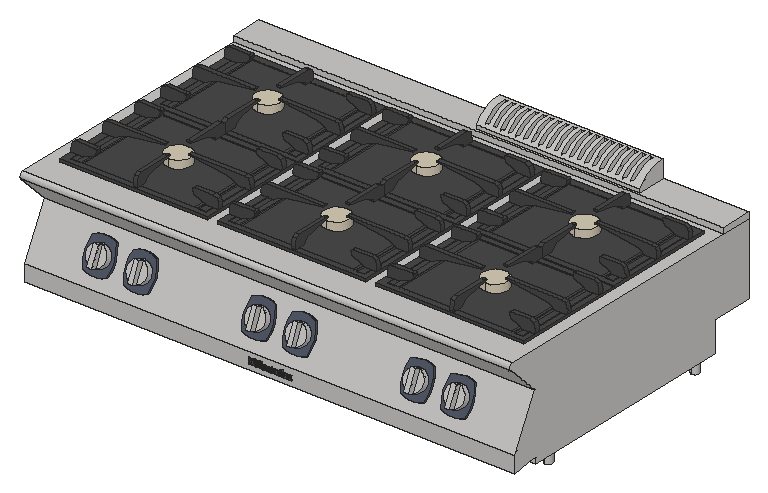
Revit family "QF_ELECTROLUXPROFESSIONAL_371405_E7AANTAOMII", category Attrezzature speciali, Revit 2018
Family settings
  Quota connettore circolare = Usa diametro
  Tipo di parte = Normale
  Basato su piano di lavoro = No
  Sempre verticale = Sì
  Taglio con vuoti quando caricato = No
  Condiviso = No
  Punto di calcolo locali = No
Parameters (values of type "Standard")
  Weight = 55.00 kg
  Watts = 0 W
  Volts = 0 V
  URL Manufacturer = "https://www.electroluxprofessional.com/"
  URL = "https://www.electroluxprofessional.com/"
  Steam Supply Size = 0"
  Steam Supply Minimum Pressure = 0.00 psi
  Steam Supply Maximum Pressure = 0.00 psi
  Steam Consumption per Hour = 0
  Show Logo [instance] = yes
  Show Clearance [instance] = yes
  Refrigeration Suction Line Size = 0 mm
  Refrigeration Liquid Line Size = 0 mm
  Refrigerant Compressor Remote = yes
  Phase = 0
  Modello = "E7AANTAOMII"
  Produttore = "Electrolux Professional"
  Length Actual = 1200 mm  # constant formula
  Item Number = "371405"
  Hot Water Size = 0"
  Height Actual = 250 mm  # constant formula
  HP = "0 HP"
  Gas Size = 1/2"
  Gas KW = 33
  Gas Input Pressure = 1.10632 Btu/h
  Direct Waste Size = 0"
  Descrizione = "6-BURNER GAS BOILING TOP 1200MM - QMARK"
  Depth Actual = 730 mm  # constant formula
  Cycle = 0 Hz
  Condensate Return Size = 0"
  Compressed Air Volume = 0 GPM
  Compressed Air Size = 0"
  Compressed Air Pressure = 0.00 psi
  Cold Water Size = 0"
  Assembly Code = ""
  Accessory = yes
Values of the unnamed type that differ from the named types
  Weight = 0.00 kg
  URL Manufacturer = ""
  Item Number = ""
  HP = ""
  Gas KW = 0
  Gas Input Pressure = 0.0 Btu/h
Reference planes
  plane 1 "BACK": y = 0
  plane 2: z = 0
  plane 3 "LEFT": x = 0
  plane 4 "RIGHT": x = 1200
  plane 5 "FRONT": y = -730
  plane 6 "TOP": z = 303.188
  plane 7 "Center Y": x = 600
  plane 8 "Center X": y = -365
  plane 9 "Base Height": z = 23.813
  plane 10: z = 274.613
  plane 11: z = 331.787
Forms (mm)
  Extrusion 1, solid, material "QF_Finishes_Stainless Steel"
    sketch origin (0, 0, 0) x (0, 1, 0) y (0, 0, 1)
      loop
        line (0, 98.425) -> (0, 274.612) -> (-721.5, 274.612)
        arc (-721.5, 274.612) -> (-729.472, 269.285) -> (-727.602, 259.881) r 8.63
        line (-727.602, 259.881) -> (-654.039, 186.318) -> (-715.962, 68.584) -> (-715.962, 30.162) -> (-655.839, 38.612)
        arc (-655.839, 38.612) -> (-653.314, 37.864) -> (-652.222, 35.468) r 3.175
        line (-652.222, 35.468) -> (-652.222, 23.813) -> (-103.188, 23.813) -> (-103.188, 98.425) -> (0, 98.425)
    from 0 to 1200
  Extrusion 2, solid, material "QF_Finishes_Stainless Steel"
    sketch origin (0, 0, 0) x (0, 1, 0) y (0, 0, 1)
      loop
        line (0, 274.612) -> (0, 288.9) -> (-76.2, 288.9) -> (-76.2, 274.612) -> (0, 274.612)
    from 0 to 1200
  Extrusion 3, solid, material "QF_Finishes_Stainless Steel"
    sketch origin (0, 0, 0) x (1, 0, 0) y (0, 1, 0)
      loop
        circle (11.112, -149.225) r 9.525
      loop
        circle (1188.888, -149.225) r 9.525
      loop
        circle (11.112, -598.488) r 9.525
      loop
        circle (1188.888, -598.488) r 9.525
    from 0 to 23.812
  Extrusion 4, solid, material "QF_Finishes_Stainless Steel"
    sketch origin (0, -103.188, 23.813) x (0, 0, 1) y (1, 0, 0)
      loop
        circle (36.513, 1100) r 6.35
    from 0 to 26.988
  Extrusion 5, solid, material "QF_Finishes_Clearance", visible <- "Show Clearance", detail levels coarse
    sketch origin (0, 0, 0) x (1, 0, 0) y (0, 1, 0)
      loop
        line (0, -730) -> (0, 0) -> (1200, 0) -> (1200, -730) -> (1350, -730) -> (1350, 150) -> (-150, 150) -> (-150, -730) -> (0, -730)
    from 0 to 331.787
  Extrusion 6, solid, material "QF_Finishes_Navy Blue"
    sketch origin (-377.256, -713.772, 69.003) x (0, 0.418102, 0.9084) y (-1, 0, 0)
      loop
        arc (102.623, -510.47) -> (67.041, -502.846) -> (31.333, -509.853) r 90.5
        arc (31.333, -509.853) -> (24.507, -539.04) -> (31.333, -568.228) r 65.817
        arc (31.333, -568.228) -> (67.04, -575.188) -> (102.623, -567.615) r 91.066
        arc (102.623, -567.615) -> (109.179, -539.043) -> (102.623, -510.47) r 65.546
    from 0 to 3.175
  Extrusion 7, solid, material "QF_Finishes_Stainless Steel"
    sketch origin (1.494, -717.485, 68.529) x (0, 0.418102, 0.9084) y (-1, 0, 0)
      loop
        circle (68.826, -160.963) r 25.4
    from 0 to 12.7
  Extrusion 8, solid, material "QF_Finishes_Stainless Steel"
    sketch origin (1.494, -729.022, 73.839) x (0, 0.418102, 0.9084) y (-1, 0, 0)
      loop
        arc (93.558, -166.749) -> (94.226, -160.963) -> (93.558, -155.177) r 25.4
        line (93.558, -155.177) -> (44.094, -155.177)
        arc (44.094, -155.177) -> (43.426, -160.963) -> (44.094, -166.749) r 25.4
        line (44.094, -166.749) -> (93.558, -166.749)
    from 0 to 12.7
  Extrusion 9, solid, material "QF_Finishes_Navy Blue"
    sketch origin (-277.256, -713.772, 69.003) x (0, 0.418102, 0.9084) y (-1, 0, 0)
      loop
        arc (102.623, -510.47) -> (67.041, -502.846) -> (31.333, -509.853) r 90.5
        arc (31.333, -509.853) -> (24.507, -539.04) -> (31.333, -568.228) r 65.817
        arc (31.333, -568.228) -> (67.04, -575.188) -> (102.623, -567.615) r 91.066
        arc (102.623, -567.615) -> (109.179, -539.043) -> (102.623, -510.47) r 65.546
    from 0 to 3.175
  Extrusion 10, solid, material "QF_Finishes_Stainless Steel"
    sketch origin (101.494, -717.485, 68.529) x (0, 0.418102, 0.9084) y (-1, 0, 0)
      loop
        circle (68.826, -160.963) r 25.4
    from 0 to 12.7
  Extrusion 11, solid, material "QF_Finishes_Stainless Steel"
    sketch origin (101.494, -729.022, 73.839) x (0, 0.418102, 0.9084) y (-1, 0, 0)
      loop
        arc (93.558, -166.749) -> (94.226, -160.963) -> (93.558, -155.177) r 25.4
        line (93.558, -155.177) -> (44.094, -155.177)
        arc (44.094, -155.177) -> (43.426, -160.963) -> (44.094, -166.749) r 25.4
        line (44.094, -166.749) -> (93.558, -166.749)
    from 0 to 12.7
  Extrusion 12, solid, material "QF_Finishes_Navy Blue", visible <- "Show Logo"
    sketch origin (261.839, -715.962, 35.665) x (0, 0, 1) y (-1, 0, 0)
      loop
        line (20.674, -296.698) -> (8.307, -296.698)
        arc (8.307, -296.698) -> (14.491, -301.27) -> (20.674, -296.698) r 6.467
      loop
        arc (20.674, -296.069) -> (19.505, -290.926) -> (14.849, -288.448) r 6.338
        line (14.849, -288.448) -> (14.849, -290.494)
        arc (14.849, -290.494) -> (16.333, -294.149) -> (19.778, -296.069) r 5.941
        line (19.778, -296.069) -> (20.674, -296.069)
      loop
        arc (9.203, -296.069) -> (12.648, -294.149) -> (14.132, -290.494) r 5.941
        line (14.132, -290.494) -> (14.132, -288.448)
        arc (14.132, -288.448) -> (9.438, -290.922) -> (8.148, -296.069) r 6.504
        line (8.148, -296.069) -> (9.203, -296.069)
      loop
        line (21.349, -287.979) -> (7.604, -287.979) -> (7.604, -301.742) -> (21.349, -301.742) -> (21.349, -287.979)
      loop
        arc (21.432, -304.71) -> (21.085, -304.352) -> (20.718, -304.69) r 0.358
        arc (20.718, -304.69) -> (20.404, -305.44) -> (19.687, -305.825) r 1.216
        line (19.687, -305.825) -> (9.274, -305.825)
        arc (9.274, -305.825) -> (8.614, -305.548) -> (8.218, -304.951) r 1.238
        arc (8.218, -304.951) -> (7.823, -304.7) -> (7.518, -305.054) r 0.358
        line (7.518, -305.054) -> (7.518, -314.933) -> (10.269, -314.933) -> (10.269, -314.036)
        arc (10.269, -314.036) -> (9.36, -313.456) -> (8.904, -312.479) r 1.928
        line (8.904, -312.479) -> (8.904, -309.98)
        arc (8.904, -309.98) -> (9.18, -309.251) -> (9.868, -308.887) r 1.101
        line (9.868, -308.887) -> (13.955, -308.887) -> (13.955, -312.561)
        arc (13.955, -312.561) -> (13.602, -313.058) -> (13.037, -313.286) r 1.083
        arc (13.037, -313.286) -> (12.773, -313.591) -> (13.065, -313.869) r 0.292
        line (13.065, -313.869) -> (16.028, -313.869)
        arc (16.028, -313.869) -> (16.33, -313.596) -> (16.092, -313.266) r 0.305
        arc (16.092, -313.266) -> (15.601, -313.018) -> (15.296, -312.561) r 1.083
        line (15.296, -312.561) -> (15.296, -308.887) -> (19.973, -308.887) -> (19.973, -312.635)
        arc (19.973, -312.635) -> (19.759, -313.39) -> (19.153, -313.888) r 1.314
        arc (19.153, -313.888) -> (18.934, -314.292) -> (19.288, -314.585) r 0.361
        line (19.288, -314.585) -> (21.432, -314.585) -> (21.432, -304.71)
      loop
        arc (20.715, -315.365) -> (20.335, -316.284) -> (19.416, -316.664) r 1.299
        line (19.416, -316.664) -> (9.837, -316.664)
        arc (9.837, -316.664) -> (8.999, -316.286) -> (8.728, -315.408) r 1.118
        line (8.728, -315.408) -> (7.518, -315.408) -> (7.518, -320.758) -> (8.706, -320.758)
        arc (8.706, -320.758) -> (8.978, -319.841) -> (9.848, -319.445) r 1.153
        line (9.848, -319.445) -> (21.92, -319.445) -> (20.715, -315.365)
      loop
        line (12.483, -323.394) -> (12.483, -329.842) -> (13.282, -329.842)
        arc (13.282, -329.842) -> (15.862, -328.857) -> (17.131, -326.404) r 3.874
        line (17.131, -326.404) -> (17.131, -324.643)
        arc (17.131, -324.643) -> (15.944, -321.778) -> (13.08, -320.592) r 4.051
        line (13.08, -320.592) -> (11.072, -320.592)
        arc (11.072, -320.592) -> (8.253, -322.077) -> (7.202, -325.084) r 4.352
        arc (7.202, -325.084) -> (7.566, -327.547) -> (8.943, -329.621) r 5.713
        line (8.943, -329.621) -> (9.892, -329.621)
        arc (9.892, -329.621) -> (9.16, -328.052) -> (8.943, -326.334) r 5.579
        arc (8.943, -326.334) -> (9.737, -324.371) -> (11.616, -323.394) r 3.057
        line (11.616, -323.394) -> (12.483, -323.394)
      loop
        line (13.742, -323.394) -> (13.742, -326.977)
        arc (13.742, -326.977) -> (15.199, -327.024) -> (16.082, -325.864) r 1.59
        line (16.082, -325.864) -> (16.082, -325.034)
        arc (16.082, -325.034) -> (15.217, -323.779) -> (13.742, -323.394) r 2.184
      loop
        arc (16.533, -339.259) -> (17.022, -337.585) -> (17.179, -335.848) r 9.023
        line (17.179, -335.848) -> (17.179, -334.486)
        arc (17.179, -334.486) -> (16.02, -331.686) -> (13.22, -330.527) r 3.959
        line (13.22, -330.527) -> (10.62, -330.527)
        arc (10.62, -330.527) -> (8.338, -331.819) -> (7.221, -334.192) r 4.331
        line (7.221, -334.192) -> (7.221, -336.327)
        arc (7.221, -336.327) -> (7.729, -337.877) -> (8.651, -339.223) r 5.772
        arc (8.651, -339.223) -> (9.412, -339.274) -> (9.499, -338.515) r 0.553
        arc (9.499, -338.515) -> (9.111, -337.781) -> (8.977, -336.962) r 2.573
        line (8.977, -336.962) -> (8.977, -335.447)
        arc (8.977, -335.447) -> (9.983, -333.806) -> (11.798, -333.163) r 2.884
        line (11.798, -333.163) -> (13.077, -333.163)
        arc (13.077, -333.163) -> (14.898, -333.723) -> (15.824, -335.388) r 2.554
        line (15.824, -335.388) -> (15.824, -336.441)
        arc (15.824, -336.441) -> (15.493, -337.369) -> (14.836, -338.104) r 2.564
        arc (14.836, -338.104) -> (14.614, -338.821) -> (15.223, -339.259) r 0.643
        line (15.223, -339.259) -> (16.533, -339.259)
      loop
        line (15.515, -339.53) -> (15.515, -341.031) -> (9.467, -341.031)
        arc (9.467, -341.031) -> (7.879, -341.688) -> (7.221, -343.276) r 2.246
        line (7.221, -343.276) -> (7.221, -344.86)
        arc (7.221, -344.86) -> (7.535, -345.725) -> (8.035, -346.496) r 4.06
        arc (8.035, -346.496) -> (8.768, -346.629) -> (9.019, -345.928) r 0.576
        arc (9.019, -345.928) -> (8.913, -345.403) -> (8.977, -344.87) r 1.69
        arc (8.977, -344.87) -> (9.519, -344.082) -> (10.425, -343.779) r 1.506
        line (10.425, -343.779) -> (15.563, -343.779) -> (15.563, -346.176) -> (16.119, -346.733) -> (16.941, -346.733) -> (16.941, -343.873) -> (20.172, -343.873) -> (15.515, -339.53)
      loop
        line (7.438, -347.63) -> (7.438, -353.017) -> (8.548, -353.017)
        arc (8.548, -353.017) -> (8.942, -352.066) -> (9.893, -351.672) r 1.345
        line (9.893, -351.672) -> (13.509, -351.672)
        arc (13.509, -351.672) -> (14.274, -352.264) -> (14.564, -353.186) r 1.615
        line (14.564, -353.186) -> (14.564, -354.742) -> (17.119, -355.427) -> (17.119, -354.044) -> (15.177, -351.485) -> (17.057, -351.485) -> (16.773, -348.779)
        arc (16.773, -348.779) -> (16.333, -348.249) -> (15.674, -348.45) r 0.621
        arc (15.674, -348.45) -> (15.274, -348.792) -> (14.78, -348.975) r 1.501
        line (14.78, -348.975) -> (9.893, -348.975)
        arc (9.893, -348.975) -> (8.942, -348.581) -> (8.548, -347.63) r 1.345
        line (8.548, -347.63) -> (7.438, -347.63)
      loop
        line (13.54, -354.964) -> (10.848, -354.964)
        arc (10.848, -354.964) -> (8.403, -356.272) -> (7.269, -358.803) r 4.288
        arc (7.269, -358.803) -> (7.205, -360.183) -> (7.269, -361.563) r 15.022
        arc (7.269, -361.563) -> (8.403, -364.094) -> (10.848, -365.401) r 4.288
        line (10.848, -365.401) -> (13.54, -365.401)
        arc (13.54, -365.401) -> (15.986, -364.094) -> (17.119, -361.563) r 4.288
        arc (17.119, -361.563) -> (17.183, -360.183) -> (17.119, -358.803) r 15.022
        arc (17.119, -358.803) -> (15.986, -356.272) -> (13.54, -354.964) r 4.288
      loop
        line (13.745, -358.078) -> (10.643, -358.078)
        arc (10.643, -358.078) -> (8.486, -360.235) -> (10.643, -362.392) r 2.157
        line (10.643, -362.392) -> (13.745, -362.392)
        arc (13.745, -362.392) -> (15.902, -360.235) -> (13.745, -358.078) r 2.157
      loop
        arc (20.726, -365.26) -> (20.355, -366.154) -> (19.461, -366.524) r 1.264
        line (19.461, -366.524) -> (9.597, -366.524)
        arc (9.597, -366.524) -> (8.727, -366.127) -> (8.455, -365.211) r 1.153
        line (8.455, -365.211) -> (7.518, -365.211) -> (7.518, -370.319) -> (8.446, -370.319)
        arc (8.446, -370.319) -> (8.805, -369.547) -> (9.597, -369.232) r 1.153
        line (9.597, -369.232) -> (21.92, -369.232) -> (20.726, -365.26)
      loop
        arc (15.846, -369.857) -> (15.647, -370.921) -> (14.678, -371.403) r 1.215
        line (14.678, -371.403) -> (9.658, -371.403)
        arc (9.658, -371.403) -> (8.043, -372.051) -> (7.322, -373.634) r 2.338
        line (7.322, -373.634) -> (7.322, -375.148)
        arc (7.322, -375.148) -> (7.497, -376.152) -> (7.999, -377.038) r 2.979
        line (7.999, -377.038) -> (7.518, -378.835) -> (7.518, -380.524) -> (16.943, -380.524) -> (16.649, -376.32) -> (15.863, -376.32)
        arc (15.863, -376.32) -> (15.507, -377.156) -> (14.755, -377.665) r 1.605
        line (14.755, -377.665) -> (9.652, -377.665)
        arc (9.652, -377.665) -> (9.232, -376.728) -> (9.159, -375.704) r 2.94
        arc (9.159, -375.704) -> (9.72, -374.603) -> (10.873, -374.16) r 1.724
        line (10.873, -374.16) -> (17.07, -374.16) -> (15.846, -369.857)
      loop
        line (16.874, -381.377) -> (15.202, -383.423) -> (12.028, -385.729) -> (8.572, -382.617)
        arc (8.572, -382.617) -> (8.335, -382.223) -> (8.357, -381.764) r 0.789
        line (8.357, -381.764) -> (7.518, -381.764) -> (7.518, -385.309) -> (8.344, -385.309)
        arc (8.344, -385.309) -> (8.686, -384.947) -> (9.176, -385.039) r 0.52
        line (9.176, -385.039) -> (10.976, -386.51) -> (8.858, -387.886)
        arc (8.858, -387.886) -> (8.457, -387.576) -> (8.37, -387.076) r 0.7
        line (8.37, -387.076) -> (7.518, -387.076) -> (7.518, -393.003) -> (8.405, -393.003)
        arc (8.405, -393.003) -> (8.472, -392.344) -> (8.866, -391.813) r 1.247
        line (8.866, -391.813) -> (13.066, -388.532) -> (15.513, -390.585) -> (16.874, -392.327) -> (16.874, -388.604) -> (15.389, -389.026) -> (13.868, -387.749) -> (15.568, -386.559) -> (16.874, -387.336) -> (16.874, -381.377)
    from 0 to 1.644
  Extrusion 13, solid, material "QF_Finishes_Navy Blue"
    sketch origin (400.244, -713.772, 69.003) x (0, 0.418102, 0.9084) y (-1, 0, 0)
      loop
        arc (102.623, -510.47) -> (67.041, -502.846) -> (31.333, -509.853) r 90.5
        arc (31.333, -509.853) -> (24.507, -539.04) -> (31.333, -568.228) r 65.817
        arc (31.333, -568.228) -> (67.04, -575.188) -> (102.623, -567.615) r 91.066
        arc (102.623, -567.615) -> (109.179, -539.043) -> (102.623, -510.47) r 65.546
    from 0 to 3.175
  Extrusion 14, solid, material "QF_Finishes_Stainless Steel"
    sketch origin (778.994, -717.485, 68.529) x (0, 0.418102, 0.9084) y (-1, 0, 0)
      loop
        circle (68.826, -160.963) r 25.4
    from 0 to 12.7
  Extrusion 15, solid, material "QF_Finishes_Stainless Steel"
    sketch origin (778.994, -729.022, 73.839) x (0, 0.418102, 0.9084) y (-1, 0, 0)
      loop
        arc (93.558, -166.749) -> (94.226, -160.963) -> (93.558, -155.177) r 25.4
        line (93.558, -155.177) -> (44.094, -155.177)
        arc (44.094, -155.177) -> (43.426, -160.963) -> (44.094, -166.749) r 25.4
        line (44.094, -166.749) -> (93.558, -166.749)
    from 0 to 12.7
  Extrusion 16, solid, material "QF_Finishes_Navy Blue"
    sketch origin (500.244, -713.772, 69.003) x (0, 0.418102, 0.9084) y (-1, 0, 0)
      loop
        arc (102.623, -510.47) -> (67.041, -502.846) -> (31.333, -509.853) r 90.5
        arc (31.333, -509.853) -> (24.507, -539.04) -> (31.333, -568.228) r 65.817
        arc (31.333, -568.228) -> (67.04, -575.188) -> (102.623, -567.615) r 91.066
        arc (102.623, -567.615) -> (109.179, -539.043) -> (102.623, -510.47) r 65.546
    from 0 to 3.175
  Extrusion 17, solid, material "QF_Finishes_Stainless Steel"
    sketch origin (878.994, -717.485, 68.529) x (0, 0.418102, 0.9084) y (-1, 0, 0)
      loop
        circle (68.826, -160.963) r 25.4
    from 0 to 12.7
  Extrusion 18, solid, material "QF_Finishes_Stainless Steel"
    sketch origin (878.994, -729.022, 73.839) x (0, 0.418102, 0.9084) y (-1, 0, 0)
      loop
        arc (93.558, -166.749) -> (94.226, -160.963) -> (93.558, -155.177) r 25.4
        line (93.558, -155.177) -> (44.094, -155.177)
        arc (44.094, -155.177) -> (43.426, -160.963) -> (44.094, -166.749) r 25.4
        line (44.094, -166.749) -> (93.558, -166.749)
    from 0 to 12.7
  Extrusion 19, solid, material "QF_Finishes_Navy Blue"
    sketch origin (12.336, -713.772, 69.003) x (0, 0.418102, 0.9084) y (-1, 0, 0)
      loop
        arc (102.623, -510.47) -> (67.041, -502.846) -> (31.333, -509.853) r 90.5
        arc (31.333, -509.853) -> (24.507, -539.04) -> (31.333, -568.228) r 65.817
        arc (31.333, -568.228) -> (67.04, -575.188) -> (102.623, -567.615) r 91.066
        arc (102.623, -567.615) -> (109.179, -539.043) -> (102.623, -510.47) r 65.546
    from 0 to 3.175
  Extrusion 20, solid, material "QF_Finishes_Stainless Steel"
    sketch origin (391.086, -717.485, 68.529) x (0, 0.418102, 0.9084) y (-1, 0, 0)
      loop
        circle (68.826, -160.963) r 25.4
    from 0 to 12.7
  Extrusion 21, solid, material "QF_Finishes_Stainless Steel"
    sketch origin (391.086, -729.022, 73.839) x (0, 0.418102, 0.9084) y (-1, 0, 0)
      loop
        arc (93.558, -166.749) -> (94.226, -160.963) -> (93.558, -155.177) r 25.4
        line (93.558, -155.177) -> (44.094, -155.177)
        arc (44.094, -155.177) -> (43.426, -160.963) -> (44.094, -166.749) r 25.4
        line (44.094, -166.749) -> (93.558, -166.749)
    from 0 to 12.7
  Extrusion 22, solid, material "QF_Finishes_Navy Blue"
    sketch origin (112.336, -713.772, 69.003) x (0, 0.418102, 0.9084) y (-1, 0, 0)
      loop
        arc (102.623, -510.47) -> (67.041, -502.846) -> (31.333, -509.853) r 90.5
        arc (31.333, -509.853) -> (24.507, -539.04) -> (31.333, -568.228) r 65.817
        arc (31.333, -568.228) -> (67.04, -575.188) -> (102.623, -567.615) r 91.066
        arc (102.623, -567.615) -> (109.179, -539.043) -> (102.623, -510.47) r 65.546
    from 0 to 3.175
  Extrusion 23, solid, material "QF_Finishes_Stainless Steel"
    sketch origin (491.086, -717.485, 68.529) x (0, 0.418102, 0.9084) y (-1, 0, 0)
      loop
        circle (68.826, -160.963) r 25.4
    from 0 to 12.7
  Extrusion 24, solid, material "QF_Finishes_Stainless Steel"
    sketch origin (491.086, -729.022, 73.839) x (0, 0.418102, 0.9084) y (-1, 0, 0)
      loop
        arc (93.558, -166.749) -> (94.226, -160.963) -> (93.558, -155.177) r 25.4
        line (93.558, -155.177) -> (44.094, -155.177)
        arc (44.094, -155.177) -> (43.426, -160.963) -> (44.094, -166.749) r 25.4
        line (44.094, -166.749) -> (93.558, -166.749)
    from 0 to 12.7
  Extrusion 25, solid, material "QF_Finishes_Stainless Steel"
    sketch origin (190, 0, 14.288) x (0, 1, 0) y (0, 0, 1)
      loop
        line (0, 274.613) -> (0, 317.5)
        arc (0, 317.5) -> (-38.885, 309.109) -> (-69.85, 284.137) r 86.116
        line (-69.85, 284.137) -> (-69.85, 274.613) -> (0, 274.613)
    from 400 to 800
  Extrusion 26, void
    sketch origin (224.989, 0, 288.925) x (-1, 0, 0) y (0, -1, 0)
      loop
        line (-392.079, 6.761) -> (-382.783, 6.761) -> (-382.783, 63.911) -> (-392.079, 63.911) -> (-392.079, 6.761)
      loop
        line (-410.772, 6.761) -> (-401.476, 6.761) -> (-401.476, 63.911) -> (-410.772, 63.911) -> (-410.772, 6.761)
      loop
        line (-429.464, 6.761) -> (-420.169, 6.761) -> (-420.169, 63.911) -> (-429.464, 63.911) -> (-429.464, 6.761)
      loop
        line (-448.157, 6.761) -> (-438.861, 6.761) -> (-438.861, 63.911) -> (-448.157, 63.911) -> (-448.157, 6.761)
      loop
        line (-466.849, 6.761) -> (-457.554, 6.761) -> (-457.554, 63.911) -> (-466.849, 63.911) -> (-466.849, 6.761)
      loop
        line (-485.542, 6.761) -> (-476.246, 6.761) -> (-476.246, 63.911) -> (-485.542, 63.911) -> (-485.542, 6.761)
      loop
        line (-504.235, 6.761) -> (-494.939, 6.761) -> (-494.939, 63.911) -> (-504.235, 63.911) -> (-504.235, 6.761)
      loop
        line (-522.927, 6.761) -> (-513.632, 6.761) -> (-513.632, 63.911) -> (-522.927, 63.911) -> (-522.927, 6.761)
      loop
        line (-541.62, 6.761) -> (-532.324, 6.761) -> (-532.324, 63.911) -> (-541.62, 63.911) -> (-541.62, 6.761)
      loop
        line (-560.313, 6.761) -> (-551.017, 6.761) -> (-551.017, 63.911) -> (-560.313, 63.911) -> (-560.313, 6.761)
      loop
        line (-579.005, 6.761) -> (-569.709, 6.761) -> (-569.709, 63.911) -> (-579.005, 63.911) -> (-579.005, 6.761)
      loop
        line (-597.698, 6.761) -> (-588.402, 6.761) -> (-588.402, 63.911) -> (-597.698, 63.911) -> (-597.698, 6.761)
      loop
        line (-616.39, 6.761) -> (-607.095, 6.761) -> (-607.095, 63.911) -> (-616.39, 63.911) -> (-616.39, 6.761)
      loop
        line (-635.083, 6.761) -> (-625.787, 6.761) -> (-625.787, 63.911) -> (-635.083, 63.911) -> (-635.083, 6.761)
      loop
        line (-653.776, 6.761) -> (-644.48, 6.761) -> (-644.48, 63.911) -> (-653.776, 63.911) -> (-653.776, 6.761)
      loop
        line (-672.468, 6.761) -> (-663.172, 6.761) -> (-663.172, 63.911) -> (-672.468, 63.911) -> (-672.468, 6.761)
      loop
        line (-691.161, 6.761) -> (-681.865, 6.761) -> (-681.865, 63.911) -> (-691.161, 63.911) -> (-691.161, 6.761)
      loop
        line (-709.853, 6.761) -> (-700.558, 6.761) -> (-700.558, 63.911) -> (-709.853, 63.911) -> (-709.853, 6.761)
      loop
        line (-728.546, 6.761) -> (-719.25, 6.761) -> (-719.25, 63.911) -> (-728.546, 63.911) -> (-728.546, 6.761)
      loop
        line (-747.239, 6.761) -> (-737.943, 6.761) -> (-737.943, 63.911) -> (-747.239, 63.911) -> (-747.239, 6.761)
    from 9.525 to 45.348
Cuts and joins
  Extrusion 26 cuts Extrusion 5
  Extrusion 26 cuts Extrusion 25
Lines and regions (mm)
  symbolic lines
    curve 1: line (0, -730.129, 0) -> (1200, -730.129, 0)
    curve 2: line (0, 0, 0) -> (0, -730.129, 0)
    curve 3: line (1200, 0, 0) -> (0, 0, 0)
    curve 4: line (1200, -730.129, 0) -> (1200, 0, 0)
    curve 5: line (0, -76.2, 0) -> (1200, -76.2, 0)
    curve 6: line (0, -69.85, 0) -> (1200, -69.85, 0)
    curve 7: line (0, -715.963, 0) -> (1200, -715.963, 0)
    curve 11: line (607.772, -63.911, 0) -> (607.772, -6.761, 0)
    curve 12: line (607.772, -6.761, 0) -> (617.068, -6.761, 0)
    curve 13: line (617.068, -6.761, 0) -> (617.068, -63.911, 0)
    curve 14: line (617.068, -63.911, 0) -> (607.772, -63.911, 0)
    curve 15: line (626.465, -63.911, 0) -> (626.465, -6.761, 0)
    curve 16: line (626.465, -6.761, 0) -> (635.761, -6.761, 0)
    curve 17: line (635.761, -6.761, 0) -> (635.761, -63.911, 0)
    curve 18: line (635.761, -63.911, 0) -> (626.465, -63.911, 0)
    curve 19: line (645.158, -63.911, 0) -> (645.158, -6.761, 0)
    curve 20: line (645.158, -6.761, 0) -> (654.453, -6.761, 0)
    curve 21: line (654.453, -6.761, 0) -> (654.453, -63.911, 0)
    curve 22: line (654.453, -63.911, 0) -> (645.158, -63.911, 0)
    curve 23: line (663.85, -63.911, 0) -> (663.85, -6.761, 0)
    curve 24: line (663.85, -6.761, 0) -> (673.146, -6.761, 0)
    curve 25: line (673.146, -6.761, 0) -> (673.146, -63.911, 0)
    curve 26: line (673.146, -63.911, 0) -> (663.85, -63.911, 0)
    curve 27: line (682.543, -63.911, 0) -> (682.543, -6.761, 0)
    curve 28: line (682.543, -6.761, 0) -> (691.839, -6.761, 0)
    curve 29: line (691.839, -6.761, 0) -> (691.839, -63.911, 0)
    curve 30: line (691.839, -63.911, 0) -> (682.543, -63.911, 0)
    curve 31: line (701.235, -63.911, 0) -> (701.235, -6.761, 0)
    curve 32: line (701.235, -6.761, 0) -> (710.531, -6.761, 0)
    curve 33: line (710.531, -6.761, 0) -> (710.531, -63.911, 0)
    curve 34: line (710.531, -63.911, 0) -> (701.235, -63.911, 0)
    curve 35: line (719.928, -63.911, 0) -> (719.928, -6.761, 0)
    curve 36: line (719.928, -6.761, 0) -> (729.224, -6.761, 0)
    curve 37: line (729.224, -6.761, 0) -> (729.224, -63.911, 0)
    curve 38: line (729.224, -63.911, 0) -> (719.928, -63.911, 0)
    curve 39: line (738.621, -63.911, 0) -> (738.621, -6.761, 0)
    curve 40: line (738.621, -6.761, 0) -> (747.916, -6.761, 0)
    curve 41: line (747.916, -6.761, 0) -> (747.916, -63.911, 0)
    curve 42: line (747.916, -63.911, 0) -> (738.621, -63.911, 0)
    curve 43: line (757.313, -63.911, 0) -> (757.313, -6.761, 0)
    curve 44: line (757.313, -6.761, 0) -> (766.609, -6.761, 0)
    curve 45: line (766.609, -6.761, 0) -> (766.609, -63.911, 0)
    curve 46: line (766.609, -63.911, 0) -> (757.313, -63.911, 0)
    curve 47: line (776.006, -63.911, 0) -> (776.006, -6.761, 0)
    curve 48: line (776.006, -6.761, 0) -> (785.302, -6.761, 0)
    curve 49: line (785.302, -6.761, 0) -> (785.302, -63.911, 0)
    curve 50: line (785.302, -63.911, 0) -> (776.006, -63.911, 0)
    curve 51: line (794.698, -63.911, 0) -> (794.698, -6.761, 0)
    curve 52: line (794.698, -6.761, 0) -> (803.994, -6.761, 0)
    curve 53: line (803.994, -6.761, 0) -> (803.994, -63.911, 0)
    curve 54: line (803.994, -63.911, 0) -> (794.698, -63.911, 0)
    curve 55: line (813.391, -63.911, 0) -> (813.391, -6.761, 0)
    curve 56: line (813.391, -6.761, 0) -> (822.687, -6.761, 0)
    curve 57: line (822.687, -6.761, 0) -> (822.687, -63.911, 0)
    curve 58: line (822.687, -63.911, 0) -> (813.391, -63.911, 0)
    curve 59: line (832.084, -63.911, 0) -> (832.084, -6.761, 0)
    curve 60: line (832.084, -6.761, 0) -> (841.379, -6.761, 0)
    curve 61: line (841.379, -6.761, 0) -> (841.379, -63.911, 0)
    curve 62: line (841.379, -63.911, 0) -> (832.084, -63.911, 0)
    curve 63: line (962.932, -63.911, 0) -> (962.932, -6.761, 0)
    curve 64: line (962.932, -6.761, 0) -> (972.228, -6.761, 0)
    curve 65: line (972.228, -6.761, 0) -> (972.228, -63.911, 0)
    curve 66: line (972.228, -63.911, 0) -> (962.932, -63.911, 0)
    curve 67: line (944.239, -63.911, 0) -> (944.239, -6.761, 0)
    curve 68: line (944.239, -6.761, 0) -> (953.535, -6.761, 0)
    curve 69: line (953.535, -6.761, 0) -> (953.535, -63.911, 0)
    curve 70: line (953.535, -63.911, 0) -> (944.239, -63.911, 0)
    curve 71: line (925.547, -63.911, 0) -> (925.547, -6.761, 0)
    curve 72: line (925.547, -6.761, 0) -> (934.842, -6.761, 0)
    curve 73: line (934.842, -6.761, 0) -> (934.842, -63.911, 0)
    curve 74: line (934.842, -63.911, 0) -> (925.547, -63.911, 0)
    curve 75: line (906.854, -63.911, 0) -> (906.854, -6.761, 0)
    curve 76: line (906.854, -6.761, 0) -> (916.15, -6.761, 0)
    curve 77: line (916.15, -6.761, 0) -> (916.15, -63.911, 0)
    curve 78: line (916.15, -63.911, 0) -> (906.854, -63.911, 0)
    curve 79: line (888.161, -63.911, 0) -> (888.161, -6.761, 0)
    curve 80: line (888.161, -6.761, 0) -> (897.457, -6.761, 0)
    curve 81: line (897.457, -6.761, 0) -> (897.457, -63.911, 0)
    curve 82: line (897.457, -63.911, 0) -> (888.161, -63.911, 0)
    curve 83: line (869.469, -63.911, 0) -> (869.469, -6.761, 0)
    curve 84: line (869.469, -6.761, 0) -> (878.765, -6.761, 0)
    curve 85: line (878.765, -6.761, 0) -> (878.765, -63.911, 0)
    curve 86: line (878.765, -63.911, 0) -> (869.469, -63.911, 0)
    curve 87: line (850.776, -63.911, 0) -> (850.776, -6.761, 0)
    curve 88: line (850.776, -6.761, 0) -> (860.072, -6.761, 0)
    curve 89: line (860.072, -6.761, 0) -> (860.072, -63.911, 0)
    curve 90: line (860.072, -63.911, 0) -> (850.776, -63.911, 0)
  symbolic lines, style "QF-Clearances", visible <- "Show Clearance", detail levels coarse
    curve 8: line (-150, -730, 0) -> (-150, 150, 0)
    curve 9: line (-150, 150, 0) -> (1350, 150, 0)
    curve 10: line (1350, 150, 0) -> (1350, -730, 0)
Dimensions and locks
  equal spacing: plane 3 "LEFT", plane 7 "Center Y", plane 4 "RIGHT"
  plane 3 "LEFT" to plane 4 "RIGHT" = 1200 mm
  equal spacing: plane 5 "FRONT", plane 8 "Center X", plane 1 "BACK"
  plane 5 "FRONT" to plane 1 "BACK" = 730 mm
  plane 9 "Base Height" to level = 23.812 mm
  plane 10 to plane 9 "Base Height" = 250.8 mm
  plane 6 "TOP" to plane 10 = 28.575 mm
  plane 11 to level = 331.788 mm
  aligned and locked: level to plane 2
Automatic sketch dimensions
  Extrusion 1 sketch curve to plane 10 = 0 mm
  Extrusion 1 sketch curve to plane 9 "Base Height" = 0 mm
  Extrusion 1 sketch curve to plane 1 "BACK" = 0 mm
  Extrusion 1 sketch curve to Extrusion 1 sketch curve = 103.188 mm
  plane 9 "Base Height" to Extrusion 1 sketch curve = 11.656 mm
  Extrusion 1 sketch curve to plane 5 "FRONT" = 77.778 mm
  Extrusion 1 sketch curve to plane 5 "FRONT" = 75.961 mm
  Extrusion 1 sketch curve to Extrusion 1 sketch curve = 3.175 mm
  plane 9 "Base Height" to Extrusion 1 sketch curve = 14.8 mm
  plane 9 "Base Height" to Extrusion 1 sketch curve = 6.35 mm
  Extrusion 1 sketch curve to plane 5 "FRONT" = 14.038 mm
  Extrusion 1 sketch curve to plane 5 "FRONT" = 8.5 mm
  Extrusion 1 sketch curve to plane 5 "FRONT" = 2.398 mm
  Extrusion 1 sketch curve to Extrusion 1 sketch curve = 38.422 mm
  plane 9 "Base Height" to Extrusion 1 sketch curve = 74.612 mm
  Extrusion 1 sketch curve to plane 10 = 88.295 mm
  Extrusion 1 sketch curve to plane 10 = 14.732 mm
  Extrusion 2 sketch curve to plane 10 = 0 mm
  Extrusion 2 sketch curve to plane 1 "BACK" = 0 mm
  Extrusion 2 sketch curve to plane 6 "TOP" = 14.287 mm
  plane 1 "BACK" to Extrusion 2 sketch curve = 76.2 mm
  Extrusion 3 sketch curve to Extrusion 3 sketch curve = 0 mm  (x8)
  plane 3 "LEFT" to Extrusion 3 sketch curve = 11.112 mm  (x2)
  Extrusion 3 sketch curve to plane 4 "RIGHT" = 11.112 mm  (x2)
  Extrusion 3 sketch curve to plane 5 "FRONT" = 121.987 mm  (x2)
  Extrusion 3 sketch curve to Extrusion 3 sketch curve = 9.525 mm  (x4)
  plane 1 "BACK" to Extrusion 3 sketch curve = 158.75 mm  (x2)
  Extrusion 1 to Extrusion 4 sketch curve = 36.513 mm
  plane 5 "FRONT" to Extrusion 5 sketch curve = 0 mm  (x2)
  plane 1 "BACK" to Extrusion 5 sketch curve = 0 mm
  Extrusion 5 sketch curve to plane 3 "LEFT" = 0 mm
  Extrusion 5 sketch curve to plane 4 "RIGHT" = 0 mm
  Extrusion 5 sketch curve to plane 3 "LEFT" = 150 mm
  plane 4 "RIGHT" to Extrusion 5 sketch curve = 150 mm
  Extrusion 5 sketch curve to plane 1 "BACK" = 150 mm
  plane 3 "LEFT" to Extrusion 6 sketch curve = 132.596 mm
  Extrusion 6 sketch curve to Extrusion 6 sketch curve = 0 mm
  Extrusion 6 sketch curve to Extrusion 6 sketch curve = 12.3 mm  (x3)
  Extrusion 6 sketch curve to Extrusion 6 sketch curve = 34.925 mm  (x2)
  Extrusion 6 sketch curve to Extrusion 6 sketch curve = 46.691 mm
  Extrusion 6 sketch curve to Extrusion 6 sketch curve = 0.617 mm
  Extrusion 6 sketch curve to Extrusion 6 sketch curve = 28.57 mm
  Extrusion 6 sketch curve to Extrusion 6 sketch curve = 29.185 mm
  Extrusion 8 sketch curve to Extrusion 8 sketch curve = 24.732 mm
  Extrusion 8 sketch curve to Extrusion 8 sketch curve = 0 mm
  plane 3 "LEFT" to Extrusion 9 sketch curve = 232.596 mm
  Extrusion 9 sketch curve to Extrusion 9 sketch curve = 0 mm
  Extrusion 9 sketch curve to Extrusion 9 sketch curve = 12.3 mm  (x3)
  Extrusion 9 sketch curve to Extrusion 9 sketch curve = 34.925 mm  (x2)
  Extrusion 9 sketch curve to Extrusion 9 sketch curve = 46.691 mm
  Extrusion 9 sketch curve to Extrusion 9 sketch curve = 0.617 mm
  Extrusion 9 sketch curve to Extrusion 9 sketch curve = 28.57 mm
  Extrusion 9 sketch curve to Extrusion 9 sketch curve = 29.185 mm
  Extrusion 11 sketch curve to Extrusion 11 sketch curve = 24.732 mm
  Extrusion 11 sketch curve to Extrusion 11 sketch curve = 0 mm
  plane 9 "Base Height" to Extrusion 12 sketch curve = 14.013 mm
  plane 9 "Base Height" to Extrusion 12 sketch curve = 19.054 mm
  plane 7 "Center Y" to Extrusion 12 sketch curve = 6.699 mm
  Extrusion 12 sketch curve to Extrusion 12 sketch curve = 5.06 mm
  Extrusion 12 sketch curve to plane 7 "Center Y" = 3.969 mm
  Extrusion 12 sketch curve to Extrusion 12 sketch curve = 0 mm  (x28)
  Extrusion 12 sketch curve to Extrusion 12 sketch curve = 5.108 mm  (x2)
  Extrusion 12 sketch curve to Extrusion 12 sketch curve = 0.054 mm
  Extrusion 12 sketch curve to Extrusion 12 sketch curve = 0.218 mm
  Extrusion 12 sketch curve to Extrusion 12 sketch curve = 0.195 mm
  Extrusion 12 sketch curve to Extrusion 12 sketch curve = 0.249 mm
  plane 9 "Base Height" to Extrusion 12 sketch curve = 19.371 mm
  Extrusion 12 sketch curve to Extrusion 12 sketch curve = 0.087 mm
  Extrusion 12 sketch curve to Extrusion 12 sketch curve = 0.358 mm
  Extrusion 12 sketch curve to Extrusion 12 sketch curve = 0.481 mm
  Extrusion 12 sketch curve to Extrusion 12 sketch curve = 0.597 mm
  Extrusion 12 sketch curve to Extrusion 12 sketch curve = 0.544 mm
  Extrusion 12 sketch curve to Extrusion 12 sketch curve = 0.936 mm
  Extrusion 12 sketch curve to Extrusion 12 sketch curve = 0.594 mm
  Extrusion 12 sketch curve to Extrusion 12 sketch curve = 0.343 mm
  Extrusion 12 sketch curve to Extrusion 12 sketch curve = 0.159 mm
  Extrusion 12 sketch curve to Extrusion 12 sketch curve = 0.826 mm
  Extrusion 12 sketch curve to Extrusion 12 sketch curve = 0.839 mm
  Extrusion 12 sketch curve to Extrusion 12 sketch curve = 0.852 mm
  Extrusion 12 sketch curve to Extrusion 12 sketch curve = 0.887 mm
  Extrusion 12 sketch curve to Extrusion 12 sketch curve = 0.928 mm
  Extrusion 12 sketch curve to Extrusion 12 sketch curve = 0.938 mm
  Extrusion 12 sketch curve to Extrusion 12 sketch curve = 0.444 mm
  Extrusion 12 sketch curve to Extrusion 12 sketch curve = 1.11 mm  (x3)
  Extrusion 12 sketch curve to Extrusion 12 sketch curve = 0.215 mm
  plane 7 "Center Y" to Extrusion 12 sketch curve = 1.062 mm
  Extrusion 12 sketch curve to Extrusion 12 sketch curve = 1.43 mm
  Extrusion 12 sketch curve to Extrusion 12 sketch curve = 1.188 mm
  Extrusion 12 sketch curve to Extrusion 12 sketch curve = 1.21 mm  (x2)
  Extrusion 12 sketch curve to Extrusion 12 sketch curve = 0.503 mm
  Extrusion 12 sketch curve to Extrusion 12 sketch curve = 0.488 mm
  Extrusion 12 sketch curve to Extrusion 12 sketch curve = 0.462 mm
  Extrusion 12 sketch curve to Extrusion 12 sketch curve = 1.386 mm
  Extrusion 12 sketch curve to Extrusion 12 sketch curve = 1.742 mm  (x2)
  Extrusion 12 sketch curve to Extrusion 12 sketch curve = 0.821 mm
  Extrusion 12 sketch curve to Extrusion 12 sketch curve = 0.497 mm
  Extrusion 12 sketch curve to Extrusion 12 sketch curve = 0.539 mm
  Extrusion 12 sketch curve to Extrusion 12 sketch curve = 0.686 mm
  Extrusion 12 sketch curve to Extrusion 12 sketch curve = 0.408 mm
  Extrusion 12 sketch curve to Extrusion 12 sketch curve = 0.743 mm
  Extrusion 12 sketch curve to Extrusion 12 sketch curve = 1.16 mm
  Extrusion 12 sketch curve to Extrusion 12 sketch curve = 0.329 mm
  Extrusion 12 sketch curve to Extrusion 12 sketch curve = 1.054 mm
  Extrusion 12 sketch curve to Extrusion 12 sketch curve = 1.056 mm
  Extrusion 12 sketch curve to Extrusion 12 sketch curve = 0.129 mm
  Extrusion 12 sketch curve to Extrusion 12 sketch curve = 0.489 mm
  plane 7 "Center Y" to Extrusion 12 sketch curve = 0.355 mm
  Extrusion 12 sketch curve to Extrusion 12 sketch curve = 0.441 mm
  Extrusion 12 sketch curve to Extrusion 12 sketch curve = 1.151 mm
  Extrusion 12 sketch curve to Extrusion 12 sketch curve = 1.141 mm  (x2)
  Extrusion 12 sketch curve to Extrusion 12 sketch curve = 0.768 mm
  Extrusion 12 sketch curve to Extrusion 12 sketch curve = 1.653 mm
  Extrusion 12 sketch curve to Extrusion 12 sketch curve = 0.499 mm
  Extrusion 12 sketch curve to Extrusion 12 sketch curve = 0.964 mm
  Extrusion 12 sketch curve to Extrusion 12 sketch curve = 0.949 mm
  Extrusion 12 sketch curve to Extrusion 12 sketch curve = 1.345 mm  (x2)
  Extrusion 12 sketch curve to Extrusion 12 sketch curve = 1.101 mm
  Extrusion 12 sketch curve to Extrusion 12 sketch curve = 0.432 mm
  Extrusion 12 sketch curve to Extrusion 12 sketch curve = 1.142 mm
  Extrusion 12 sketch curve to Extrusion 12 sketch curve = 0.959 mm
  Extrusion 12 sketch curve to Extrusion 12 sketch curve = 0.176 mm
  Extrusion 12 sketch curve to Extrusion 12 sketch curve = 0.728 mm
  Extrusion 12 sketch curve to Extrusion 12 sketch curve = 3.375 mm  (x2)
  Extrusion 12 sketch curve to Extrusion 12 sketch curve = 0.541 mm
  Extrusion 12 sketch curve to Extrusion 12 sketch curve = 0.955 mm
  Extrusion 12 sketch curve to Extrusion 12 sketch curve = 1.251 mm
  Extrusion 12 sketch curve to Extrusion 12 sketch curve = 0.572 mm
  Extrusion 12 sketch curve to Extrusion 12 sketch curve = 1.92 mm
  Extrusion 12 sketch curve to Extrusion 12 sketch curve = 1.224 mm
  Extrusion 12 sketch curve to Extrusion 12 sketch curve = 0.745 mm
  Extrusion 12 sketch curve to Extrusion 12 sketch curve = 0.036 mm
  Extrusion 12 sketch curve to Extrusion 12 sketch curve = 0.896 mm  (x3)
  Extrusion 12 sketch curve to Extrusion 12 sketch curve = 2.607 mm
  Extrusion 12 sketch curve to Extrusion 12 sketch curve = 0.066 mm
  Extrusion 12 sketch curve to Extrusion 12 sketch curve = 0.248 mm
  Extrusion 12 sketch curve to Extrusion 12 sketch curve = 0.449 mm
  Extrusion 12 sketch curve to Extrusion 12 sketch curve = 1.052 mm
  Extrusion 12 sketch curve to Extrusion 12 sketch curve = 1.863 mm
  Extrusion 12 sketch curve to Extrusion 12 sketch curve = 1.31 mm  (x2)
  Extrusion 12 sketch curve to Extrusion 12 sketch curve = 0.901 mm
  Extrusion 12 sketch curve to Extrusion 12 sketch curve = 1.107 mm
  Extrusion 12 sketch curve to Extrusion 12 sketch curve = 2.122 mm
  Extrusion 12 sketch curve to Extrusion 12 sketch curve = 2.101 mm
  Extrusion 12 sketch curve to Extrusion 12 sketch curve = 0.106 mm
  Extrusion 12 sketch curve to Extrusion 12 sketch curve = 0.029 mm
  Extrusion 12 sketch curve to Extrusion 12 sketch curve = 2.09 mm
  Extrusion 12 sketch curve to Extrusion 12 sketch curve = 1.279 mm
  Extrusion 12 sketch curve to Extrusion 12 sketch curve = 2.008 mm
  Extrusion 12 sketch curve to Extrusion 12 sketch curve = 0.738 mm
  Extrusion 12 sketch curve to Extrusion 12 sketch curve = 0.382 mm
  Extrusion 12 sketch curve to Extrusion 12 sketch curve = 0.384 mm
  Extrusion 12 sketch curve to Extrusion 12 sketch curve = 0.002 mm
  Extrusion 12 sketch curve to Extrusion 12 sketch curve = 0.561 mm
  Extrusion 12 sketch curve to Extrusion 12 sketch curve = 0.592 mm
  Extrusion 12 sketch curve to Extrusion 12 sketch curve = 2.692 mm
  Extrusion 12 sketch curve to Extrusion 12 sketch curve = 1.259 mm
  Extrusion 12 sketch curve to Extrusion 12 sketch curve = 0.802 mm
  Extrusion 12 sketch curve to Extrusion 12 sketch curve = 1.024 mm  (x2)
  Extrusion 12 sketch curve to Extrusion 12 sketch curve = 0.682 mm
  Extrusion 12 sketch curve to Extrusion 12 sketch curve = 5.934 mm
  Extrusion 12 sketch curve to Extrusion 12 sketch curve = 2.186 mm
  Extrusion 12 sketch curve to Extrusion 12 sketch curve = 0.337 mm
  Extrusion 12 sketch curve to Extrusion 12 sketch curve = 0.021 mm
  Extrusion 12 sketch curve to Extrusion 12 sketch curve = 1.005 mm
  Extrusion 12 sketch curve to Extrusion 12 sketch curve = 0.552 mm
  Extrusion 12 sketch curve to Extrusion 12 sketch curve = 0.778 mm
  Extrusion 12 sketch curve to Extrusion 12 sketch curve = 0.063 mm
  Extrusion 12 sketch curve to Extrusion 12 sketch curve = 1.023 mm
  Extrusion 12 sketch curve to Extrusion 12 sketch curve = 3.804 mm
  Extrusion 12 sketch curve to Extrusion 12 sketch curve = 0.486 mm
  Extrusion 12 sketch curve to Extrusion 12 sketch curve = 0.266 mm  (x2)
  Extrusion 12 sketch curve to plane 7 "Center Y" = 0.057 mm
  Extrusion 12 sketch curve to Extrusion 12 sketch curve = 1.547 mm
  Extrusion 12 sketch curve to Extrusion 12 sketch curve = 0.717 mm  (x2)
  Extrusion 12 sketch curve to Extrusion 12 sketch curve = 1.667 mm
  Extrusion 12 sketch curve to Extrusion 12 sketch curve = 3.174 mm
  plane 7 "Center Y" to Extrusion 12 sketch curve = 1.099 mm
  Extrusion 12 sketch curve to Extrusion 12 sketch curve = 0.388 mm
  Extrusion 12 sketch curve to Extrusion 12 sketch curve = 1.342 mm
  Extrusion 12 sketch curve to Extrusion 12 sketch curve = 1.521 mm
  Extrusion 12 sketch curve to Extrusion 12 sketch curve = 0.124 mm
  Extrusion 12 sketch curve to Extrusion 12 sketch curve = 0.291 mm
  plane 7 "Center Y" to Extrusion 12 sketch curve = 8.016 mm
  Extrusion 12 sketch curve to Extrusion 12 sketch curve = 1.049 mm  (x2)
  Extrusion 12 sketch curve to Extrusion 12 sketch curve = 1.7 mm
  Extrusion 12 sketch curve to Extrusion 12 sketch curve = 0.894 mm
  Extrusion 12 sketch curve to plane 7 "Center Y" = 1.719 mm
  Extrusion 12 sketch curve to Extrusion 12 sketch curve = 1.168 mm
  Extrusion 12 sketch curve to Extrusion 12 sketch curve = 1.594 mm
  Extrusion 12 sketch curve to Extrusion 12 sketch curve = 0.731 mm
  Extrusion 12 sketch curve to Extrusion 12 sketch curve = 1.566 mm
  Extrusion 12 sketch curve to Extrusion 12 sketch curve = 0.064 mm
  plane 7 "Center Y" to Extrusion 12 sketch curve = 8.572 mm
  Extrusion 12 sketch curve to Extrusion 12 sketch curve = 0.556 mm  (x2)
  Extrusion 12 sketch curve to Extrusion 12 sketch curve = 0.48 mm
  Extrusion 12 sketch curve to Extrusion 12 sketch curve = 1.018 mm
  Extrusion 12 sketch curve to Extrusion 12 sketch curve = 0.787 mm
  Extrusion 12 sketch curve to Extrusion 12 sketch curve = 0.618 mm
  Extrusion 12 sketch curve to Extrusion 12 sketch curve = 1.672 mm
  Extrusion 12 sketch curve to Extrusion 12 sketch curve = 1.361 mm
  Extrusion 12 sketch curve to Extrusion 12 sketch curve = 0.822 mm
  Extrusion 12 sketch curve to Extrusion 12 sketch curve = 0.069 mm
  Extrusion 12 sketch curve to Extrusion 12 sketch curve = 1.88 mm
  Extrusion 12 sketch curve to Extrusion 12 sketch curve = 0.42 mm
  Extrusion 12 sketch curve to Extrusion 12 sketch curve = 0.062 mm
  Extrusion 12 sketch curve to Extrusion 12 sketch curve = 1.355 mm
  Extrusion 12 sketch curve to Extrusion 12 sketch curve = 2.34 mm
  Extrusion 12 sketch curve to Extrusion 12 sketch curve = 0.493 mm
  Extrusion 12 sketch curve to Extrusion 12 sketch curve = 0.136 mm
  Extrusion 12 sketch curve to Extrusion 12 sketch curve = 0.128 mm
  Extrusion 12 sketch curve to Extrusion 12 sketch curve = 3.616 mm
  Extrusion 12 sketch curve to Extrusion 12 sketch curve = 4.207 mm
  Extrusion 12 sketch curve to Extrusion 12 sketch curve = 0.183 mm
  Extrusion 12 sketch curve to Extrusion 12 sketch curve = 0.895 mm
  Extrusion 12 sketch curve to Extrusion 12 sketch curve = 1.314 mm
  Extrusion 12 sketch curve to Extrusion 12 sketch curve = 3.231 mm
  Extrusion 12 sketch curve to Extrusion 12 sketch curve = 1.299 mm
  Extrusion 12 sketch curve to Extrusion 12 sketch curve = 1.214 mm
  Extrusion 12 sketch curve to Extrusion 12 sketch curve = 1.264 mm
  Extrusion 12 sketch curve to Extrusion 12 sketch curve = 0.109 mm
  Extrusion 12 sketch curve to Extrusion 12 sketch curve = 0.357 mm
  Extrusion 12 sketch curve to Extrusion 12 sketch curve = 0.565 mm
  Extrusion 12 sketch curve to Extrusion 12 sketch curve = 2.504 mm
  Extrusion 12 sketch curve to Extrusion 12 sketch curve = 2.459 mm
  Extrusion 12 sketch curve to Extrusion 12 sketch curve = 1.322 mm
  Extrusion 12 sketch curve to Extrusion 12 sketch curve = 2.77 mm
  Extrusion 12 sketch curve to Extrusion 12 sketch curve = 2.51 mm
  Extrusion 12 sketch curve to Extrusion 12 sketch curve = 0.187 mm
  Extrusion 12 sketch curve to Extrusion 12 sketch curve = 2.559 mm
  Extrusion 12 sketch curve to Extrusion 12 sketch curve = 1.556 mm
  Extrusion 12 sketch curve to Extrusion 12 sketch curve = 0.222 mm
  Extrusion 12 sketch curve to Extrusion 12 sketch curve = 1.383 mm
  Extrusion 12 sketch curve to Extrusion 12 sketch curve = 3.114 mm
  Extrusion 12 sketch curve to Extrusion 12 sketch curve = 3.376 mm
  Extrusion 12 sketch curve to Extrusion 12 sketch curve = 0.934 mm
  Extrusion 12 sketch curve to Extrusion 12 sketch curve = 0.191 mm
  Extrusion 12 sketch curve to Extrusion 12 sketch curve = 3.696 mm
  Extrusion 12 sketch curve to Extrusion 12 sketch curve = 2.708 mm
  Extrusion 12 sketch curve to Extrusion 12 sketch curve = 3.333 mm
  Extrusion 12 sketch curve to Extrusion 12 sketch curve = 0.332 mm
  Extrusion 12 sketch curve to Extrusion 12 sketch curve = 1.087 mm
  Extrusion 12 sketch curve to Extrusion 12 sketch curve = 2.23 mm
  Extrusion 12 sketch curve to Extrusion 12 sketch curve = 2.757 mm
  Extrusion 12 sketch curve to Extrusion 12 sketch curve = 0.987 mm
  Extrusion 12 sketch curve to Extrusion 12 sketch curve = 1.529 mm
  Extrusion 12 sketch curve to Extrusion 12 sketch curve = 1.796 mm
  Extrusion 12 sketch curve to Extrusion 12 sketch curve = 2.859 mm
  Extrusion 12 sketch curve to Extrusion 12 sketch curve = 0.853 mm
  Extrusion 12 sketch curve to Extrusion 12 sketch curve = 1.241 mm
  Extrusion 12 sketch curve to Extrusion 12 sketch curve = 2.046 mm  (x2)
  Extrusion 12 sketch curve to Extrusion 12 sketch curve = 2.422 mm
  Extrusion 12 sketch curve to Extrusion 12 sketch curve = 0.27 mm  (x2)
  Extrusion 12 sketch curve to Extrusion 12 sketch curve = 0.69 mm
  Extrusion 12 sketch curve to Extrusion 12 sketch curve = 0.781 mm  (x2)
  Extrusion 12 sketch curve to Extrusion 12 sketch curve = 3.136 mm
  Extrusion 12 sketch curve to Extrusion 12 sketch curve = 1.767 mm
  Extrusion 12 sketch curve to Extrusion 12 sketch curve = 0.138 mm
  Extrusion 12 sketch curve to Extrusion 12 sketch curve = 0.777 mm
  Extrusion 12 sketch curve to Extrusion 12 sketch curve = 1.19 mm
  Extrusion 12 sketch curve to Extrusion 12 sketch curve = 0.782 mm
  Extrusion 12 sketch curve to Extrusion 12 sketch curve = 1.268 mm
  Extrusion 12 sketch curve to Extrusion 12 sketch curve = 0.422 mm  (x2)
  Extrusion 12 sketch curve to Extrusion 12 sketch curve = 1.559 mm
  Extrusion 12 sketch curve to Extrusion 12 sketch curve = 3.927 mm
  Extrusion 12 sketch curve to Extrusion 12 sketch curve = 0.983 mm
  Extrusion 12 sketch curve to Extrusion 12 sketch curve = 1.134 mm
  Extrusion 12 sketch curve to Extrusion 12 sketch curve = 0.094 mm
  Extrusion 12 sketch curve to Extrusion 12 sketch curve = 1.584 mm
  Extrusion 12 sketch curve to Extrusion 12 sketch curve = 0.916 mm
  Extrusion 12 sketch curve to Extrusion 12 sketch curve = 0.352 mm
  Extrusion 12 sketch curve to Extrusion 12 sketch curve = 0.458 mm
  Extrusion 12 sketch curve to Extrusion 12 sketch curve = 1.282 mm
  Extrusion 12 sketch curve to Extrusion 12 sketch curve = 0.685 mm
  Extrusion 12 sketch curve to Extrusion 12 sketch curve = 0.905 mm
  Extrusion 12 sketch curve to Extrusion 12 sketch curve = 2.865 mm
  Extrusion 12 sketch curve to Extrusion 12 sketch curve = 0.472 mm
  Extrusion 12 sketch curve to Extrusion 12 sketch curve = 0.101 mm
  Extrusion 12 sketch curve to Extrusion 12 sketch curve = 0.54 mm
  Extrusion 12 sketch curve to Extrusion 12 sketch curve = 0.02 mm
  Extrusion 12 sketch curve to Extrusion 12 sketch curve = 0.468 mm
  Extrusion 12 sketch curve to Extrusion 12 sketch curve = 0.829 mm
  Extrusion 12 sketch curve to Extrusion 12 sketch curve = 0.582 mm
  Extrusion 12 sketch curve to Extrusion 12 sketch curve = 0.166 mm
  Extrusion 12 sketch curve to Extrusion 12 sketch curve = 0.16 mm
  Extrusion 12 sketch curve to Extrusion 12 sketch curve = 2.781 mm
  Extrusion 12 sketch curve to Extrusion 12 sketch curve = 1.118 mm
  Extrusion 12 sketch curve to Extrusion 12 sketch curve = 0.613 mm
  Extrusion 12 sketch curve to Extrusion 12 sketch curve = 0.361 mm
  Extrusion 12 sketch curve to Extrusion 12 sketch curve = 0.897 mm
  Extrusion 12 sketch curve to Extrusion 12 sketch curve = 0.167 mm
  Extrusion 12 sketch curve to Extrusion 12 sketch curve = 0.292 mm
  Extrusion 12 sketch curve to Extrusion 12 sketch curve = 0.305 mm
  Extrusion 12 sketch curve to Extrusion 12 sketch curve = 1.557 mm
  Extrusion 12 sketch curve to Extrusion 12 sketch curve = 2.499 mm
  Extrusion 12 sketch curve to Extrusion 12 sketch curve = 3.062 mm
  Extrusion 12 sketch curve to Extrusion 12 sketch curve = 2.968 mm
  Extrusion 12 sketch curve to Extrusion 12 sketch curve = 5.044 mm
  Extrusion 12 sketch curve to Extrusion 12 sketch curve = 0.629 mm  (x2)
  Extrusion 12 sketch curve to Extrusion 12 sketch curve = 1.131 mm
  Extrusion 12 sketch curve to Extrusion 12 sketch curve = 0.137 mm
  Extrusion 12 sketch curve to Extrusion 12 sketch curve = 0.027 mm
  Extrusion 12 sketch curve to Extrusion 12 sketch curve = 2.235 mm
  Extrusion 13 sketch curve to plane 4 "RIGHT" = 289.904 mm
  Extrusion 13 sketch curve to Extrusion 13 sketch curve = 0 mm
  Extrusion 13 sketch curve to Extrusion 13 sketch curve = 12.3 mm  (x3)
  Extrusion 13 sketch curve to Extrusion 13 sketch curve = 34.925 mm  (x2)
  Extrusion 13 sketch curve to Extrusion 13 sketch curve = 46.691 mm
  Extrusion 13 sketch curve to Extrusion 13 sketch curve = 0.617 mm
  Extrusion 13 sketch curve to Extrusion 13 sketch curve = 28.57 mm
  Extrusion 13 sketch curve to Extrusion 13 sketch curve = 29.185 mm
  Extrusion 15 sketch curve to Extrusion 15 sketch curve = 24.732 mm
  Extrusion 15 sketch curve to Extrusion 15 sketch curve = 0 mm
  Extrusion 16 sketch curve to plane 4 "RIGHT" = 189.904 mm
  Extrusion 16 sketch curve to Extrusion 16 sketch curve = 0 mm
  Extrusion 16 sketch curve to Extrusion 16 sketch curve = 12.3 mm  (x3)
  Extrusion 16 sketch curve to Extrusion 16 sketch curve = 34.925 mm  (x2)
  Extrusion 16 sketch curve to Extrusion 16 sketch curve = 46.691 mm
  Extrusion 16 sketch curve to Extrusion 16 sketch curve = 0.617 mm
  Extrusion 16 sketch curve to Extrusion 16 sketch curve = 28.57 mm
  Extrusion 16 sketch curve to Extrusion 16 sketch curve = 29.185 mm
  Extrusion 18 sketch curve to Extrusion 18 sketch curve = 24.732 mm
  Extrusion 18 sketch curve to Extrusion 18 sketch curve = 0 mm
  Extrusion 19 sketch curve to plane 7 "Center Y" = 77.812 mm
  Extrusion 19 sketch curve to plane 7 "Center Y" = 19.436 mm
  Extrusion 19 sketch curve to Extrusion 19 sketch curve = 0 mm
  Extrusion 19 sketch curve to Extrusion 19 sketch curve = 12.3 mm  (x3)
  plane 7 "Center Y" to Extrusion 19 sketch curve = 5.678 mm
  Extrusion 19 sketch curve to Extrusion 19 sketch curve = 34.925 mm  (x2)
  Extrusion 19 sketch curve to Extrusion 19 sketch curve = 46.691 mm
  Extrusion 19 sketch curve to plane 7 "Center Y" = 20.049 mm
  Extrusion 21 sketch curve to Extrusion 21 sketch curve = 24.732 mm
  Extrusion 21 sketch curve to Extrusion 21 sketch curve = 0 mm
  plane 7 "Center Y" to Extrusion 22 sketch curve = 22.188 mm
  Extrusion 22 sketch curve to Extrusion 22 sketch curve = 0 mm
  Extrusion 22 sketch curve to Extrusion 22 sketch curve = 12.3 mm  (x3)
  Extrusion 22 sketch curve to Extrusion 22 sketch curve = 34.925 mm  (x2)
  Extrusion 22 sketch curve to plane 7 "Center Y" = 3.539 mm
  Extrusion 22 sketch curve to Extrusion 22 sketch curve = 46.691 mm
  plane 7 "Center Y" to Extrusion 22 sketch curve = 22.805 mm
  Extrusion 22 sketch curve to Extrusion 22 sketch curve = 25.114 mm
  Extrusion 24 sketch curve to Extrusion 24 sketch curve = 24.732 mm
  Extrusion 24 sketch curve to Extrusion 24 sketch curve = 0 mm
  Extrusion 25 sketch curve to plane 1 "BACK" = 0 mm
  Extrusion 25 sketch curve to plane 11 = 0 mm
  plane 1 "BACK" to Extrusion 25 sketch curve = 1.769 mm
  Extrusion 25 sketch curve to plane 6 "TOP" = 4.763 mm
  plane 1 "BACK" to Extrusion 25 sketch curve = 69.85 mm
  Extrusion 25 sketch curve to plane 6 "TOP" = 14.287 mm
  plane 1 "BACK" to Extrusion 26 sketch curve = 63.911 mm  (x2)
  Extrusion 26 sketch curve to plane 4 "RIGHT" = 227.772 mm
  Extrusion 26 sketch curve to Extrusion 26 sketch curve = 9.296 mm  (x19)
  Extrusion 26 sketch curve to Extrusion 26 sketch curve = 9.397 mm  (x19)
  plane 7 "Center Y" to Extrusion 26 sketch curve = 7.772 mm
  Extrusion 26 sketch curve to Extrusion 26 sketch curve = 0 mm  (x18)
  plane 1 "BACK" to Extrusion 26 sketch curve = 6.761 mm  (x20)
  plane 5 "FRONT" to curve 8 = 0 mm
  curve 2 to plane 3 "LEFT" = 0 mm
  curve 1 to plane 4 "RIGHT" = 0 mm
  plane 5 "FRONT" to curve 10 = 0 mm
  plane 1 "BACK" to curve 3 = 0 mm
  curve 8 to plane 3 "LEFT" = 150 mm
  plane 7 "Center Y" to curve 14 = 7.772 mm
  curve 12 to curve 12 = 9.296 mm
  curve 12 to curve 16 = 9.397 mm
  curve 15 to curve 17 = 9.296 mm
  curve 17 to curve 22 = 9.397 mm
  curve 19 to curve 21 = 9.296 mm
  curve 20 to curve 23 = 9.397 mm
  curve 23 to curve 25 = 9.296 mm
  curve 25 to curve 27 = 9.397 mm
  curve 27 to curve 30 = 9.296 mm
  curve 29 to curve 31 = 9.397 mm
  curve 31 to curve 33 = 9.296 mm
  curve 33 to curve 38 = 9.397 mm
  curve 38 to curve 38 = 9.296 mm
  curve 37 to curve 42 = 9.397 mm
  curve 39 to curve 41 = 9.296 mm
  curve 40 to curve 43 = 9.397 mm
  curve 43 to curve 45 = 9.296 mm
  curve 45 to curve 47 = 9.397 mm
  curve 47 to curve 50 = 9.296 mm
  curve 48 to curve 52 = 9.397 mm
  curve 51 to curve 53 = 9.296 mm
  curve 52 to curve 55 = 9.397 mm
  curve 55 to curve 56 = 9.296 mm
  curve 56 to curve 60 = 9.397 mm
  curve 59 to curve 62 = 9.296 mm
  curve 61 to curve 87 = 9.397 mm
  curve 87 to curve 89 = 9.296 mm
  curve 89 to curve 86 = 9.397 mm
  curve 83 to curve 85 = 9.296 mm
  curve 85 to curve 82 = 9.397 mm
  curve 79 to curve 80 = 9.296 mm
  curve 80 to curve 76 = 9.397 mm
  curve 75 to curve 77 = 9.296 mm
  curve 77 to curve 74 = 9.397 mm
  curve 71 to curve 73 = 9.296 mm
  curve 73 to curve 67 = 9.397 mm
  curve 67 to curve 68 = 9.296 mm
  curve 68 to curve 63 = 9.397 mm
  curve 63 to curve 65 = 9.296 mm
  plane 4 "RIGHT" to curve 10 = 150 mm
  curve 7 to plane 5 "FRONT" = 14.037 mm
  plane 1 "BACK" to curve 5 = 76.2 mm
  curve 5 to curve 6 = 6.35 mm
  plane 1 "BACK" to curve 87 = 63.911 mm
  curve 89 to curve 86 = 0 mm
  curve 85 to curve 82 = 0 mm
  plane 1 "BACK" to curve 11 = 63.911 mm
  curve 81 to curve 78 = 0 mm
  curve 13 to curve 15 = 0 mm
  curve 77 to curve 74 = 0 mm
  curve 17 to curve 19 = 0 mm
  curve 73 to curve 70 = 0 mm
  curve 21 to curve 23 = 0 mm
  curve 69 to curve 66 = 0 mm
  curve 25 to curve 27 = 0 mm
  curve 62 to curve 87 = 0 mm
  curve 29 to curve 31 = 0 mm
  curve 58 to curve 59 = 0 mm
  curve 33 to curve 35 = 0 mm
  curve 54 to curve 55 = 0 mm
